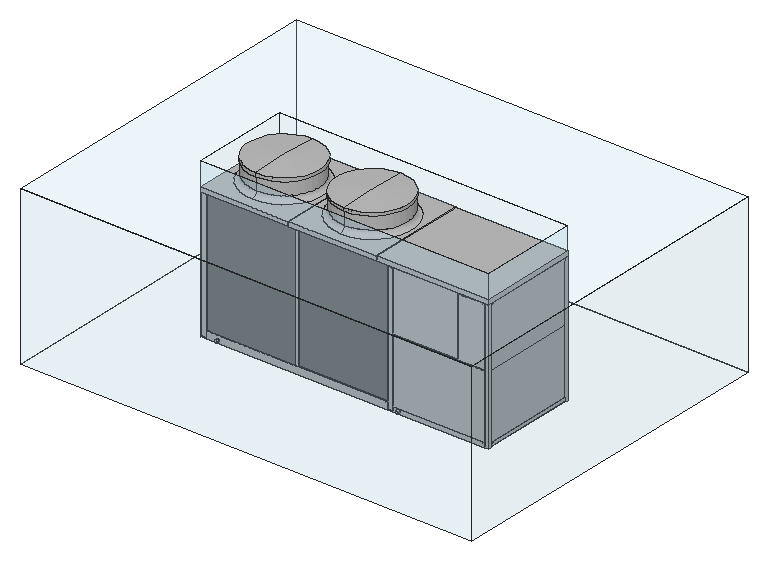
Revit family "VIESSMANN - Energycal AWH Pro AT 75-90", category Wyposażenie mechaniczne, Revit 2017
Family settings
  Wymiar okrągłego złącza = Użyj średnicy
  Typ części = Normalny
  Numer OmniClass = 23.75.10.21.11
  Tytuł OmniClass = Air-Source Heat Pumps
  Oparty na płaszczyźnie roboczej = Nie
  Zawsze pionowo = Tak
  Tnij formami wycięć po wczytaniu = Nie
  Współdzielony = Nie
  Punkt obliczania pomieszczeń = Nie
Parameters (values of type "Wielkość jednostki - 75")
  Zasilanie pomocnicze (V/ph/Hz) = "230/1~/50+5%"
  Zasilanie elektryczne (V/ph/Hz) = "400/3N~/50+5%"
  Wysokość = 1912 mm
  Współczynnik mocy = 1
  Współczynnik efektywności [COP] (A7W45) = 3.33
  Viessmann Kolor 2 = Viessmann Kolor 3
  Viessmann Kolor 1 = Viessmann Kolor 2
  URL = "https://www.viessmann-projektant.pl/baza-urzadzen/pompy-ciepla-powietrzewoda-agregaty-wl-50-kw/energycal"
  Typ wymiennika po stronie grzewczej = "Plate exchanger"
  Typ wentylatora = "Osiowy"  # constant formula
  Typ sprężarki = "Reciprocating"
  Szerokość = 3510 mm
  Strefa serwisowa_tył = 1000 mm
  Strefa serwisowa_przód = 1000 mm
  Strefa serwisowa [instance] = yes
  Stopień wydajności = "2"
  Spadek ciśnienia wody (A7W45) = 34.0 kPa
  SCOP = 2.84
  Prąd nominalny wentylatora = 3.9 A
  Prąd nominalny silnika pompy obiegowej = 2.45 A
  Przepływ powietrza = 38500.0 m³/h
  Producent = "Viessmann Sp. z o.o"  # constant formula
  Połączenia hydrauliczne = 2"
  Poziom mocy akustycznej dB(A) = 91 mm
  Poziom mocy akustycznej - wersja super cicha SLN dB(A) = 87 mm
  Poziom mocy akustycznej - wersja cicha LN dB(A) = 89 mm
  Poziom ciśnienia akustycznego dB(A) = 59 mm
  Poziom ciśnienia akustycznego - wersja super cicha SLN dB(A) = 55 mm
  Poziom ciśnienia akustycznego - wersja cicha LN dB(A) = 57 mm
  Pojemność zbiornika buforowego = 250.00 m³
  Pobór mocy elektrycznej (A7W45) = 23.5 kW
  Opis = "Energycal AWH Pro AT to typoszereg wysokotemperaturowych pomp ciepła z czynnikiem chłodniczym R134a lub R513A osiągających na zasilaniu temperatury wody do 80°C."
  Obciążenie pozorne = Maksymalna moc pobierania / Współczynnik mocy  # 42.9 kW
  Nominalna moc pompy = 1.4 kW
  Nominalna moc grzewcza (A7W45) = 78 kW
  Natężenie przepływu wody (A7W45) l/h = 13381
  Natężenie przepływu wody (A7W45) = [Natężenie przepływu wody (A7W45) l/h] / 3600 * 1.0 L/s  # 3.71694 L/s
  Napięcie zasilania = 400 V
  Naczynie wzbiorcze = 18.00 m³
  Model = "Powietrzna pompa ciepła Energycal AWH PRO AT / Air-water heat pump Energycal AWH PRO AT "  # constant formula
  Moc nominalna wentylatora = 1.6 kW
  Moc nominalna silnika pompy obiegowej = 1.35 kW
  Maksymalny prąd rozruchowy = 197.3 A
  Maksymalny pobór prądu = 83.8 A
  Maksymalna moc pobierania = 42.9 kW
  Liczba wentylatorów = 2
  Liczba biegunów = 3
  Klasa energetyczna = "A+"
  Ilość/Obiegi chłodnicze sprężarki (nr/nr) = "1/1"
  Głębokość = 1208 mm
  Efektywność sezonowa ηs = "110.7"
  Częstotliwość = 50 Hz  # constant formula
  Ciśnienie podnoszenia pompy (A7W45) = 134.0 kPa
  Całkowite napełnienie olejem = 4.80 kg
  Całkowite napełnienie czynnikiem chłodniczym = 39.00 kg
  Autor = "www.archispace.pl"
Types (3, lengths in mm): name | Szerokość | Strefa serwisowa_tył | Spadek ciśnienia wody (A7W45) | SCOP | Prąd nominalny silnika pompy obiegowej | Przepływ powietrza | Pobór mocy elektrycznej (A7W45) | Obciążenie pozorne | Nominalna moc pompy | Nominalna moc grzewcza (A7W45) | Natężenie przepływu wody (A7W45) l/h | Natężenie przepływu wody (A7W45) | Moc nominalna silnika pompy obiegowej | Maksymalny prąd rozruchowy | Maksymalny pobór prądu | Maksymalna moc pobierania | Efektywność sezonowa ηs | Ciśnienie podnoszenia pompy (A7W45) | Całkowite napełnienie olejem | Całkowite napełnienie czynnikiem chłodniczym
  (no name) | 3510 | 1000 | 34.0 kPa | 2.84 | 2.45 A | 38500.0 m³/h | 23.5 kW | 42.9 kW | 1.4 kW | 78 kW | 13381 | 3.71694 L/s | 1.35 kW | 197.3 A | 83.8 A | 42.9 kW | "110.7" | 134.0 kPa | 4.80 kg | 39.00 kg
  Wielkość jednostki - 75 | 3510 | 1000 | 34.0 kPa | 2.84 | 2.45 A | 38500.0 m³/h | 23.5 kW | 42.9 kW | 1.4 kW | 78 kW | 13381 | 3.71694 L/s | 1.35 kW | 197.3 A | 83.8 A | 42.9 kW | "110.7" | 134.0 kPa | 4.80 kg | 39.00 kg
  Wielkość jednostki - 90 | 3508 | 2000 | 20.0 kPa | 2.86 | 3.15 A | 40000.0 m³/h | 26.3 kW | 48.4 kW | 1.8 kW | 87.5 kW | 15030 | 4.175 L/s | 1.75 kW | 241.5 A | 101.8 A | 48.4 kW | "111.6" | 185.0 kPa | 4.00 kg | 40.00 kg
Reference planes
  plane 1 "Środek (Przód/Tył)": y = 0
  plane 2: z = 0
  plane 3 "Środek (Lewa/Prawa)": x = 0
  plane 4: z = 1912
  plane 5: y = 1500
  plane 6: y = -1208
  plane 7: y = -2708
  plane 8: x = -1755
  plane 9: x = 1755
  plane 10: x = -2755
  plane 11: x = 2755
Forms (mm)
  Extrusion 1, solid, material "Viessmann Strefy Serwisowe", visible <- "Strefa serwisowa"
    sketch origin (0, 0, 0) x (0, 1, 0) y (0, 0, 1)
      loop
        line (1500, 1912) -> (0, 1912) -> (0, 0) -> (1500, 0) -> (1500, 1912)
      loop
        line (-2708, 0) -> (-1208, 0) -> (-1208, 1912) -> (-2708, 1912) -> (-2708, 0)
    from -1755 to 1755
  Extrusion 2, solid, material "Viessmann Strefy Serwisowe", visible <- "Strefa serwisowa"
    sketch origin (0, 0, 0) x (1, 0, 0) y (0, 1, 0)
      loop
        line (-1755, 1500) -> (-2755, 1500) -> (-2755, -2708) -> (-1755, -2708) -> (-1755, 1500)
      loop
        line (1755, 1500) -> (1755, -2708) -> (2755, -2708) -> (2755, 1500) -> (1755, 1500)
    from 0 to 1912
  Extrusion 3, solid, not visible
    sketch origin (0, 0, 0) x (0, 1, 0) y (0, 0, 1)
      loop
        circle (-623.416, 1331.547) r 40
      loop
        circle (-623.416, 1163.167) r 40
    from 1385.48 to 1755
Cuts and joins
  joined: Extrusion 1, Extrusion 2
Dimensions and locks
  "Wysokość": plane 4 to level
  locked: plane 5 to plane 1 "Środek (Przód/Tył)" at 1500
  locked: plane 6 to plane 7 at 1500
  "Strefa serwisowa_tył": plane 9 to plane 11
  "Strefa serwisowa_przód": plane 10 to plane 8
  "Szerokość": plane 8 to plane 9
  "Głębokość": plane 1 "Środek (Przód/Tył)" to plane 6
  plane 4 to level = 1912 mm
  aligned and locked: level to plane 2
  aligned and locked: Extrusion 1 sketch curve to plane 4
  aligned and locked: Extrusion 1 sketch curve to plane 5
  aligned and locked: Extrusion 1 sketch curve to level
  aligned and locked: plane 7 to Extrusion 1 sketch curve
  aligned and locked: plane 8 to Extrusion 1
  aligned and locked: Extrusion 2 sketch curve to plane 10
  aligned and locked: plane 8 to Extrusion 2 sketch curve
  aligned and locked: plane 9 to Extrusion 2 sketch curve
  aligned and locked: Extrusion 2 sketch curve to plane 11
  aligned and locked: Extrusion 2 to Extrusion 1
  aligned and locked: plane 1 "Środek (Przód/Tył)" to nested 1
  aligned and locked: plane 8 to nested 1
  aligned and locked: plane 9 to cut or joined group of Extrusion 1, Extrusion 2
  aligned and locked: cut or joined group of Extrusion 1, Extrusion 2 to plane 4
  aligned and locked: plane 4 to nested 1
  aligned and locked: plane 4 to cut or joined group of Extrusion 1, Extrusion 2
  aligned and locked: Extrusion 3 to nested 1
  aligned and locked: nested 1 to Extrusion 3
Automatic sketch dimensions
  Extrusion 2 sketch curve to plane 5 = 0 mm
  Extrusion 2 sketch curve to plane 7 = 0 mm
  plane 5 to Extrusion 2 sketch curve = 0 mm
  plane 7 to Extrusion 2 sketch curve = 0 mm
  Extrusion 1 sketch curve to plane 6 = 0 mm
  Extrusion 1 sketch curve to plane 1 "Środek (Przód/Tył)" = 0 mm
  level to Extrusion 1 sketch curve = 0 mm
  plane 4 to Extrusion 1 sketch curve = 0 mm
  Extrusion 3 sketch curve to plane 6 = 584.584 mm
  Extrusion 3 sketch curve to Extrusion 3 sketch curve = 0 mm
  Extrusion 3 sketch curve to plane 4 = 748.833 mm
  Extrusion 3 sketch curve to Extrusion 3 sketch curve = 168.38 mm
  radius of Extrusion 3 sketch curve = 40 mm  (x2)
Nested families
  nested 1: "AWH PRO AT EVO 75-90" at (0, 30, 0), type "AWH PRO AT EVO 75-90"
Connectors
  piping at (-1764.355, -604, 187), diameter 50.8, driven by "Połączenia hydrauliczne", driven by "Natężenie przepływu wody (A7W45)"
    settings: on nested 1, index 1, connector inside diameter 24", connector length 0 mm, flow factor 0, pipe flow 3.71694 L/s, pressure drop 0.0 kPa, fitting loss kfactor 0, connector angle 0.00°, fixture units 0, engagement length 0 mm, angle of deflection 0.00°, flow configuration 1, flow direction 2, fitting loss method 0, system type 7, joint type 0, gender type 0, connector reference index -1, connector utility 0, adjustable connector no, is connector primary yes, connector description ""
  piping at (-1764.355, -604, 524), diameter 50.8, driven by "Natężenie przepływu wody (A7W45)", driven by "Połączenia hydrauliczne"
    settings: on nested 1, index 2, connector inside diameter 24", connector length 0 mm, flow factor 0, pipe flow 3.71694 L/s, pressure drop 0.0 kPa, fitting loss kfactor 0, connector angle 0.00°, fixture units 0, engagement length 0 mm, angle of deflection 0.00°, flow configuration 1, flow direction 1, fitting loss method 0, system type 8, joint type 0, gender type 0, connector reference index -1, connector utility 0, adjustable connector no, is connector primary no, connector description ""
  electrical at (1755, -623.416, 1331.547)
    settings: on Extrusion 3, index 3, voltage 0 V, apparent load 0 kW, apparent load phase1 0 kW, apparent load phase2 0 kW, apparent load phase3 0 kW, power factor 1, load classification "Inne", number of poles 1, system type 13, power factor state 1, is connector primary yes, connector utility no, sub classification motor no, connector description ""
  electrical at (1755, -623.416, 1163.167), driven by "Współczynnik mocy", driven by "Obciążenie pozorne", driven by "Napięcie zasilania", driven by "Liczba biegunów"
    settings: on Extrusion 3, index 4, voltage 400 V, apparent load 42.9 kW, apparent load phase1 0 kW, apparent load phase2 0 kW, apparent load phase3 0 kW, power factor 1, load classification "Moc", number of poles 3, system type 30, power factor state 1, is connector primary no, connector utility no, sub classification motor no, connector description ""
Definition of nested family "AWH PRO AT EVO 75-90"
  Parameters (values of type "AWH PRO AT EVO 75-90")
    Wysokość = 1912 mm
    URL = ""
    Szerokość = 1210 mm
    Manufacturer = ""
    Podłączenie Uout wysokość = 524 mm
    Podłączenie Uin wysokość = 187 mm
    Podłączenie Rin wysokość = 947 mm
    Podłączenie Rout wysokość = 1337 mm
    Description = ""
    Model = ""
    Materiał2 = none
    Materiał = none
    Długość = 3510 mm
  Reference planes
    plane 1 "Środek (Przód/Tył)": y = -30
    plane 2: z = 0
    plane 3 "Środek (Lewa/Prawa)": x = 0
    plane 4: y = -1240
    plane 5: z = 1630
    plane 6: x = 1755
    plane 7: x = -1755
    plane 8: x = -1715
    plane 9: x = 1715
    plane 10: z = 1912
    plane 11: y = -634
    plane 12: y = -634
  Forms (mm)
    Extrusion 1, solid, material <- "Materiał", detail levels fine
      sketch origin (0, -734, 0) x (1, 0, 0) y (0, 1, 0)
        loop
          line (-1755, 704) -> (-1755, -506) -> (1755, -506) -> (1755, 704) -> (-1755, 704)
      from 0 to 1630
    Extrusion 2, void
      sketch origin (0, -734, 0) x (1, 0, 0) y (0, 1, 0)
        loop
          line (1755, 664) -> (-1755, 664) -> (-1755, -466) -> (1755, -466) -> (1755, 664)
      from 0 to 20
    Extrusion 3, solid, material <- "Materiał", detail levels coarse
      sketch origin (0, 0, 0) x (1, 0, 0) y (0, 1, 0)
        loop
          line (-1755, -30) -> (-1755, -1240) -> (1755, -1240) -> (1755, -30) -> (-1755, -30)
      from 0 to 1630
    Extrusion 4, solid, material <- "Materiał", detail levels medium
      sketch origin (0, -30, 0) x (1, 0, 0) y (0, 0, 1)
        loop
          line (-1755, 1630) -> (-1755, 0) -> (1755, 0) -> (1755, 1630) -> (-1755, 1630)
      from 0 to 1210
    Extrusion 5, void
      sketch origin (1375.5, -1104, 0) x (0, 1, 0) y (0, 0, 1)
        loop
          line (-96, 0) -> (-89, 0) -> (-89, 50.017) -> (1027, 50.017) -> (1027, 0) -> (1034, 0) -> (1034, 1569.991) -> (1074, 1569.991) -> (1074, 1576.991) -> (-136, 1576.991) -> (-136, 1569.991) -> (-96, 1569.991) -> (-96, 0)
        loop
          line (1027, 1569.991) -> (-89, 1569.991) -> (-89, 850) -> (1027, 850) -> (1027, 1569.991)
        loop
          line (1027, 843) -> (-89, 843) -> (-89, 57.017) -> (1027, 57.017) -> (1027, 843)
      from 377.5 to 379.5
    Revolve 6, solid, material <- "Materiał", detail levels medium
      sketch origin (-1220, 0, 0) x (0, 1, 0) y (0, 0, 1)
        loop
          line (-634, 1630) -> (-634, 1912) -> (-1067, 1912) -> (-1067, 1855) -> (-1057, 1855) -> (-1057, 1695) -> (-1115.526, 1630) -> (-634, 1630)
        axis (-634, 1912) -> (-634, 1630)
      angle from 0 to 360
    Revolve 7, solid, material <- "Materiał", detail levels fine
      sketch origin (-1220, 0, 0) x (0, 1, 0) y (0, 0, 1)
        loop
          line (-634, 1630) -> (-154.474, 1630)
          arc (-154.474, 1630) -> (-196.212, 1651.267) -> (-213, 1695) r 65.358
          line (-213, 1695) -> (-213, 1855) -> (-203, 1855) -> (-203, 1891.456)
          arc (-203, 1891.456) -> (-418.181, 1908.421) -> (-634, 1912) r 3476.293
          line (-634, 1912) -> (-634, 1630)
        axis (-634, 1912) -> (-634, 1630)
      angle from 0 to 360
    Extrusion 8, solid, material <- "Materiał", detail levels coarse
      sketch origin (-145.176, 0, 0) x (-1, 0, 0) y (0, -1, 0)
        loop
          circle (0, 634) r 482
      from 1630 to 1912
    Revolve 9, solid, material <- "Materiał", detail levels medium
      sketch origin (-145.176, 0, 0) x (0, 1, 0) y (0, 0, 1)
        loop
          line (-634, 1630) -> (-634, 1912) -> (-1067, 1912) -> (-1067, 1855) -> (-1057, 1855) -> (-1057, 1695) -> (-1115.526, 1630) -> (-634, 1630)
        axis (-634, 1912) -> (-634, 1630)
      angle from 0 to 360
    Revolve 10, solid, material <- "Materiał", detail levels fine
      sketch origin (-145.176, 0, 0) x (0, 1, 0) y (0, 0, 1)
        loop
          line (-634, 1630) -> (-154.474, 1630)
          arc (-154.474, 1630) -> (-196.212, 1651.267) -> (-213, 1695) r 65.358
          line (-213, 1695) -> (-213, 1855) -> (-203, 1855) -> (-203, 1891.456)
          arc (-203, 1891.456) -> (-418.181, 1908.421) -> (-634, 1912) r 3476.293
          line (-634, 1912) -> (-634, 1630)
        axis (-634, 1912) -> (-634, 1630)
      angle from 0 to 360
    Extrusion 11, solid, material <- "Materiał", detail levels coarse
      sketch origin (-1220, 0, 0) x (-1, 0, 0) y (0, -1, 0)
        loop
          circle (1, 634) r 482
      from 1630 to 1912
    Extrusion 12, void
      sketch origin (0, -30, 0) x (1, 0, 0) y (0, 0, 1)
        loop
          line (-677.588, 1630) -> (-687.588, 1630) -> (-687.588, 1627.5) -> (-677.588, 1627.5) -> (-677.588, 1630)
        loop
          line (387.236, 1630) -> (387.236, 1627.5) -> (397.236, 1627.5) -> (397.236, 1630) -> (387.236, 1630)
      from 0 to 1210
    Extrusion 13, void
      sketch origin (677.48, -1615.98, 0) x (1, 0, 0) y (0, 0, -1)
        loop
          line (-94, -7) -> (-147, -7) -> (-147, -850) -> (-147, -1569.991) -> (-94, -1569.991) -> (-94, -7)
        loop
          line (1035, 0) -> (1028, 0) -> (1028, -50.017) -> (-87, -50.017) -> (-87, 0) -> (-117, 0) -> (-154, 0) -> (-154, -83.017) -> (-2355, -83.017) -> (-2355, 0) -> (-2429.98, 0) -> (-2429.98, -1569.991) -> (-2432.48, -1569.991) -> (-2432.48, -1576.991) -> (-2355, -1576.991) -> (-2355, -90.017) -> (-154, -90.017) -> (-154, -1576.991) -> (1077.448, -1576.991) -> (1077.448, -1569.991) -> (1035, -1569.991) -> (1035, 0)
        loop
          line (1028, -1569.991) -> (1028, -850) -> (708, -850) -> (708, -1569.991) -> (1028, -1569.991)
        loop
          line (1028, -843) -> (1028, -57.017) -> (-87, -57.017) -> (-87, -843) -> (1028, -843)
        loop
          line (-87, -850) -> (-87, -1569.991) -> (701, -1569.991) -> (701, -850) -> (-87, -850)
      from 375.98 to 378.5
    Extrusion 14, void
      sketch origin (0, -30, 0) x (1, 0, 0) y (0, 0, 1)
        loop
          line (523.48, 1576.991) -> (-1677.52, 1576.991) -> (-1677.52, 90.017) -> (523.48, 90.017) -> (523.48, 1576.991)
      from 1190 to 1210
    Extrusion 15, solid, material <- "Materiał2", detail levels fine
      sketch origin (0, -30, 0) x (1, 0, 0) y (0, 0, 1)
        loop
          line (-1677.52, 1576.991) -> (-1677.52, 90.017) -> (523.48, 90.017) -> (523.48, 1576.991) -> (-1677.52, 1576.991)
      from 1190 to 1206
    Extrusion 16, solid, material <- "Materiał2", detail levels fine
      sketch origin (0, -1238, 0) x (1, 0, 0) y (0, 0, -1)
        loop
          line (-1677.52, -1576.991) -> (523.48, -1576.991) -> (523.48, -90.017) -> (-1677.52, -90.017) -> (-1677.52, -1576.991)
      from 1188 to 1204
    Extrusion 17, void
      sketch origin (677.48, 345.98, 0) x (1, 0, 0) y (0, 0, 1)
        loop
          line (-94, 7) -> (-94, 1569.991) -> (-147, 1569.991) -> (-147, 850) -> (-147, 7) -> (-94, 7)
        loop
          line (1035, 0) -> (1035, 1569.991) -> (1077.448, 1569.991) -> (1077.448, 1576.991) -> (-154, 1576.991) -> (-154, 90.017) -> (-2355, 90.017) -> (-2355, 1576.991) -> (-2432.48, 1576.991) -> (-2432.48, 1569.991) -> (-2362, 1569.991) -> (-2362, 0) -> (-2355, 0) -> (-2355, 83.017) -> (-154, 83.017) -> (-154, 0) -> (-117, 0) -> (-87, 0) -> (-87, 50.017) -> (1028, 50.017) -> (1028, 0) -> (1035, 0)
        loop
          line (1028, 1569.991) -> (-87, 1569.991) -> (-87, 850) -> (1028, 850) -> (1028, 1569.991)
        loop
          line (1028, 843) -> (-87, 843) -> (-87, 57.017) -> (1028, 57.017) -> (1028, 843)
      from 375.98 to 378.5
    Extrusion 18, solid, material <- "Materiał", detail levels fine
      sketch origin (0, 0, 0) x (0, 1, 0) y (0, 0, 1)
        loop
          circle (-634, 524) r 45
        loop
          circle (-634, 187) r 45
      from -1764.355 to -1752.5
    Extrusion 19, void
      sketch origin (0, 0, 0) x (1, 0, 0) y (0, 1, 0)
        loop
          line (-687.588, -1240) -> (-677.588, -1240) -> (-677.588, -1235) -> (-687.588, -1235) -> (-687.588, -1240)
        loop
          line (387.412, -1240) -> (397.412, -1240) -> (397.412, -1235) -> (387.412, -1235) -> (387.412, -1240)
      from 1576.991 to 1630
    Extrusion 20, void
      sketch origin (0, -1268, 0) x (1, 0, 0) y (0, 1, 0)
        loop
          line (-687.588, 1238) -> (-687.588, 1233) -> (-677.588, 1233) -> (-677.588, 1238) -> (-687.588, 1238)
        loop
          line (387.412, 1238) -> (387.412, 1233) -> (397.412, 1233) -> (397.412, 1238) -> (387.412, 1238)
      from 1569.991 to 1630
    Extrusion 21, solid, material <- "Materiał", detail levels fine
      sketch origin (0, -1236.264, 0) x (1, 0, 0) y (0, 0, -1)
        loop
          circle (657.54, -29.398) r 15
        loop
          circle (-1543.46, -29.398) r 15
      from -29.736 to -3.736
    Extrusion 22, void
      sketch origin (0, -1230.786, 0) x (1, 0, 0) y (0, 0, -1)
        loop
          line (523.48, -1576.991) -> (523.48, -90.017) -> (-1677.52, -90.017) -> (-1677.52, -1576.991) -> (523.48, -1576.991)
      from 1180.923 to 1200.923
    Extrusion 23, solid, material <- "Materiał", detail levels fine
      sketch origin (0, 0, 0) x (1, 0, 0) y (0, 1, 0)
        loop
          line (-561.52, -1220) -> (-591.52, -1220) -> (-591.52, -1237.48) -> (-561.52, -1237.48) -> (-561.52, -1220)
        loop
          line (-561.52, -49.862) -> (-561.52, -32.52) -> (-591.52, -32.52) -> (-591.52, -49.862) -> (-561.52, -49.862)
      from 90.017 to 1576.991
    Extrusion 24, void
      sketch origin (-275.5, -1104, 0) x (0, 1, 0) y (0, 0, -1)
        loop
          line (-96, 0) -> (-96, -1569.991) -> (-136, -1569.991) -> (-136, -1576.991) -> (1074, -1576.991) -> (1074, -1569.991) -> (1034, -1569.991) -> (1034, 0) -> (1027, 0) -> (1027, -50.017) -> (518, -50.017) -> (518, -20) -> (418, -20) -> (418, -50.017) -> (-89, -50.017) -> (-89, 0) -> (-96, 0)
        loop
          line (1027, -1569.991) -> (1027, -57.017) -> (518, -57.017) -> (518, -1569.991) -> (1027, -1569.991)
        loop
          line (-89, -57.017) -> (-89, -1569.991) -> (418, -1569.991) -> (418, -57.017) -> (-89, -57.017)
      from 1477 to 1479.5
    Extrusion 25, solid, material <- "Materiał"
      sketch origin (0, -33.736, 0) x (1, 0, 0) y (0, 0, 1)
        loop
          circle (657.54, 29.398) r 15
        loop
          circle (-1543.46, 29.398) r 15
      from -29.736 to -3.736
  Cuts and joins
    Extrusion 2, Extrusion 5, Extrusion 12, Extrusion 13, Extrusion 14, Extrusion 17, Extrusion 19, Extrusion 20, Extrusion 22, Extrusion 24 cuts Extrusion 1
    Extrusion 20, Extrusion 22 cuts Revolve 7
    Extrusion 20, Extrusion 22 cuts Revolve 10
    joined: Extrusion 1, Revolve 7, Revolve 10, Extrusion 23
    Extrusion 17, Extrusion 20, Extrusion 22 cuts Extrusion 15
    Extrusion 20, Extrusion 22 cuts Revolve 6
    Extrusion 20, Extrusion 22 cuts Revolve 9
    joined: Extrusion 4, Revolve 6, Revolve 9
    Extrusion 20, Extrusion 22 cuts Extrusion 8
    Extrusion 20, Extrusion 22 cuts Extrusion 11
    joined: Extrusion 3, Extrusion 8, Extrusion 11
    Extrusion 20, Extrusion 22 cuts Extrusion 18
  Dimensions and locks
    equal spacing: plane 7, plane 3 "Środek (Lewa/Prawa)", plane 6
    "Długość": plane 7 to plane 6
    locked: plane 7 to plane 8 at 40
    locked: plane 9 to plane 6 at 40
    "Wysokość": plane 10 to level
    "Szerokość": plane 1 "Środek (Przód/Tył)" to plane 4
    plane 5 to level = 1630 mm
    locked: plane 10 to plane 5 at 282
    "Podłączenie Uin wysokość": Extrusion 18 sketch curve to level
    "Podłączenie Uout wysokość": Extrusion 18 sketch curve to level
    aligned and locked: level to plane 2
    aligned and locked: cut or joined group 1 (Extrusion 1, Extrusion 2, Extrusion 5, Revolve 7, Revolve 10, Extrusion 12, Extrusion 13, Extrusion 14, Extrusion 17, Extrusion 19, Extrusion 20, Extrusion 22, Extrusion 23, Extrusion 24) to plane 1 "Środek (Przód/Tył)"
    aligned and locked: plane 4 to cut or joined group 1
    aligned and locked: cut or joined group 1 to plane 5
    aligned and locked: cut or joined group 1 to plane 7
    aligned and locked: plane 6 to cut or joined group 1
    aligned and locked: Extrusion 3 sketch curve to cut or joined group 1  (x4)
    aligned and locked: plane 5 to Extrusion 3
    aligned and locked: Extrusion 3 to level
    aligned and locked: Extrusion 4 to plane 1 "Środek (Przód/Tył)"
    aligned and locked: Extrusion 18 to cut or joined group 1
    aligned and locked: cut or joined group 1 to Extrusion 23
    aligned and locked: Extrusion 23 to cut or joined group 1  (x2)
    aligned and locked: Extrusion 14 to plane 4
    aligned and locked: Extrusion 14 to Extrusion 23
    aligned and locked: plane 4 to Extrusion 21
    aligned and locked: Extrusion 1 to Extrusion 12  (x2)
    aligned and locked: cut or joined group of Extrusion 3, Extrusion 8, Extrusion 11, Extrusion 20, Extrusion 22 to plane 1 "Środek (Przód/Tył)"
    aligned and locked: cut or joined group of Extrusion 4, Revolve 6, Revolve 9, Extrusion 20, Extrusion 22 to plane 1 "Środek (Przód/Tył)"
    aligned and locked: plane 1 "Środek (Przód/Tył)" to cut or joined group of Extrusion 3, Extrusion 8, Extrusion 11, Extrusion 20, Extrusion 22  (x4)
  Automatic sketch dimensions
    Extrusion 1 sketch curve to plane 4 = 0 mm
    Extrusion 1 sketch curve to plane 7 = 0 mm
    plane 1 "Środek (Przód/Tył)" to Extrusion 1 sketch curve = 0 mm
    Extrusion 1 sketch curve to plane 6 = 0 mm
    Extrusion 2 sketch curve to plane 7 = 0 mm
    Extrusion 2 sketch curve to plane 6 = 0 mm
    plane 4 to Extrusion 2 sketch curve = 40 mm
    plane 1 "Środek (Przód/Tył)" to Extrusion 2 sketch curve = 40 mm
    Extrusion 4 sketch curve to level = 0 mm
    plane 7 to Extrusion 4 sketch curve = 0 mm
    Extrusion 4 sketch curve to plane 5 = 0 mm
    Extrusion 4 sketch curve to plane 6 = 0 mm
    Extrusion 5 sketch curve to plane 4 = 0 mm
    Extrusion 5 sketch curve to level = 0 mm  (x2)
    Extrusion 5 sketch curve to plane 1 "Środek (Przód/Tył)" = 0 mm
    plane 4 to Extrusion 5 sketch curve = 40 mm
    Extrusion 5 sketch curve to Extrusion 5 sketch curve = 7 mm  (x6)
    plane 4 to Extrusion 5 sketch curve = 47 mm
    plane 1 "Środek (Przód/Tył)" to Extrusion 5 sketch curve = 47 mm
    Extrusion 5 sketch curve to Extrusion 5 sketch curve = 0 mm  (x3)
    level to Extrusion 5 sketch curve = 50.017 mm
    Extrusion 5 sketch curve to Extrusion 5 sketch curve = 785.983 mm
    Extrusion 5 sketch curve to plane 5 = 60.009 mm  (x2)
    Revolve 6 sketch curve to plane 5 = 0 mm  (x2)
    Revolve 6 sketch curve to plane 10 = 0 mm  (x2)
    Revolve 6 sketch curve to plane 11 = 0 mm  (x2)
    plane 5 to Revolve 6 sketch curve = 65 mm
    plane 4 to Revolve 6 sketch curve = 183 mm
    Revolve 6 sketch curve to Revolve 6 sketch curve = 10 mm
    Revolve 6 sketch curve to Revolve 6 sketch curve = 58.526 mm
    Revolve 6 sketch curve to plane 10 = 57 mm
    Revolve 7 sketch curve to plane 5 = 0 mm  (x2)
    Revolve 7 sketch curve to plane 10 = 0 mm  (x2)
    plane 1 "Środek (Przód/Tył)" to Revolve 7 sketch curve = 604 mm
    plane 1 "Środek (Przód/Tył)" to Revolve 7 sketch curve = 553.696 mm
    Revolve 7 sketch curve to plane 10 = 57 mm
    plane 1 "Środek (Przód/Tył)" to Revolve 7 sketch curve = 183 mm
    Revolve 7 sketch curve to Revolve 7 sketch curve = 10 mm
    Revolve 7 sketch curve to Revolve 7 sketch curve = 58.526 mm
    plane 5 to Revolve 7 sketch curve = 65 mm
    Revolve 7 sketch curve to level = 1563.929 mm
    Revolve 7 sketch curve to Revolve 7 sketch curve = 0 mm
    Extrusion 8 sketch curve to Extrusion 8 sketch curve = 0 mm  (x2)
    plane 3 "Środek (Lewa/Prawa)" to Extrusion 8 sketch curve = 145.176 mm
    Extrusion 8 sketch curve to plane 1 "Środek (Przód/Tył)" = 604 mm
    Extrusion 8 sketch curve to plane 4 = 124 mm
    Revolve 9 sketch curve to plane 5 = 0 mm  (x2)
    Revolve 9 sketch curve to plane 10 = 0 mm  (x2)
    Revolve 9 sketch curve to plane 12 = 0 mm  (x2)
    plane 5 to Revolve 9 sketch curve = 65 mm
    plane 4 to Revolve 9 sketch curve = 183 mm
    Revolve 9 sketch curve to Revolve 9 sketch curve = 10 mm
    Revolve 9 sketch curve to Revolve 9 sketch curve = 58.526 mm
    Revolve 9 sketch curve to plane 10 = 57 mm
    Revolve 10 sketch curve to plane 5 = 0 mm  (x2)
    Revolve 10 sketch curve to plane 10 = 0 mm  (x2)
    plane 1 "Środek (Przód/Tył)" to Revolve 10 sketch curve = 604 mm
    plane 1 "Środek (Przód/Tył)" to Revolve 10 sketch curve = 553.696 mm
    Revolve 10 sketch curve to plane 10 = 57 mm
    plane 1 "Środek (Przód/Tył)" to Revolve 10 sketch curve = 183 mm
    Revolve 10 sketch curve to Revolve 10 sketch curve = 10 mm
    Revolve 10 sketch curve to Revolve 10 sketch curve = 58.526 mm
    plane 5 to Revolve 10 sketch curve = 65 mm
    Revolve 10 sketch curve to level = 1563.929 mm
    Revolve 10 sketch curve to Revolve 10 sketch curve = 0 mm
    Extrusion 11 sketch curve to Extrusion 11 sketch curve = 0 mm  (x2)
    Extrusion 11 sketch curve to plane 8 = 494 mm
    Extrusion 11 sketch curve to plane 1 "Środek (Przód/Tył)" = 604 mm
    Extrusion 11 sketch curve to plane 4 = 124 mm
    Extrusion 12 sketch curve to plane 5 = 0 mm  (x2)
    Extrusion 12 sketch curve to plane 3 "Środek (Lewa/Prawa)" = 687.588 mm
    Extrusion 12 sketch curve to plane 5 = 2.5 mm  (x2)
    Extrusion 12 sketch curve to Extrusion 12 sketch curve = 10 mm  (x2)
    plane 3 "Środek (Lewa/Prawa)" to Extrusion 12 sketch curve = 387.236 mm
    plane 7 to Extrusion 13 sketch curve = 0 mm
    Extrusion 13 sketch curve to level = 0 mm  (x3)
    Extrusion 13 sketch curve to plane 7 = 2.5 mm
    plane 8 to Extrusion 13 sketch curve = 37.48 mm  (x2)
    Extrusion 13 sketch curve to plane 5 = 53.009 mm  (x2)
    plane 3 "Środek (Lewa/Prawa)" to Extrusion 13 sketch curve = 523.48 mm
    Extrusion 13 sketch curve to Extrusion 13 sketch curve = 0 mm  (x5)
    plane 3 "Środek (Lewa/Prawa)" to Extrusion 13 sketch curve = 530.48 mm
    Extrusion 13 sketch curve to Extrusion 13 sketch curve = 30 mm
    level to Extrusion 13 sketch curve = 7 mm
    Extrusion 13 sketch curve to Extrusion 13 sketch curve = 23 mm
    Extrusion 13 sketch curve to Extrusion 13 sketch curve = 60 mm
    Extrusion 13 sketch curve to Extrusion 13 sketch curve = 7 mm  (x9)
    Extrusion 13 sketch curve to plane 5 = 60.009 mm
    Extrusion 13 sketch curve to plane 9 = 336.52 mm
    Extrusion 13 sketch curve to plane 9 = 9.52 mm  (x2)
    Extrusion 13 sketch curve to plane 9 = 2.52 mm
    plane 6 to Extrusion 13 sketch curve = 0.072 mm
    Extrusion 13 sketch curve to Extrusion 13 sketch curve = 719.991 mm
    Extrusion 13 sketch curve to Extrusion 13 sketch curve = 83.017 mm
    Extrusion 13 sketch curve to Extrusion 13 sketch curve = 50.017 mm
    plane 8 to Extrusion 14 sketch curve = 37.48 mm
    level to Extrusion 14 sketch curve = 90.017 mm
    plane 3 "Środek (Lewa/Prawa)" to Extrusion 14 sketch curve = 523.48 mm
    Extrusion 14 sketch curve to plane 5 = 53.009 mm
    plane 8 to Extrusion 15 sketch curve = 37.48 mm
    level to Extrusion 15 sketch curve = 90.017 mm
    plane 3 "Środek (Lewa/Prawa)" to Extrusion 15 sketch curve = 523.48 mm
    Extrusion 15 sketch curve to plane 5 = 53.009 mm
    plane 8 to Extrusion 16 sketch curve = 37.48 mm
    level to Extrusion 16 sketch curve = 90.017 mm
    plane 3 "Środek (Lewa/Prawa)" to Extrusion 16 sketch curve = 523.48 mm
    Extrusion 16 sketch curve to plane 5 = 53.009 mm
    Extrusion 17 sketch curve to plane 7 = 0 mm
    Extrusion 17 sketch curve to level = 0 mm  (x3)
    plane 8 to Extrusion 17 sketch curve = 30.48 mm
    plane 8 to Extrusion 17 sketch curve = 37.48 mm
    Extrusion 17 sketch curve to Extrusion 17 sketch curve = 0 mm  (x5)
    plane 3 "Środek (Lewa/Prawa)" to Extrusion 17 sketch curve = 523.48 mm  (x2)
    Extrusion 17 sketch curve to plane 5 = 53.009 mm
    Extrusion 17 sketch curve to Extrusion 17 sketch curve = 7 mm  (x7)
    Extrusion 17 sketch curve to Extrusion 17 sketch curve = 30 mm
    Extrusion 17 sketch curve to Extrusion 17 sketch curve = 53 mm
    Extrusion 17 sketch curve to Extrusion 17 sketch curve = 60 mm
    Extrusion 17 sketch curve to plane 9 = 9.52 mm  (x2)
    Extrusion 17 sketch curve to plane 9 = 2.52 mm
    plane 6 to Extrusion 17 sketch curve = 0.072 mm
    level to Extrusion 17 sketch curve = 7 mm
    Extrusion 17 sketch curve to Extrusion 17 sketch curve = 43.017 mm
    Extrusion 17 sketch curve to Extrusion 17 sketch curve = 83.017 mm
    Extrusion 17 sketch curve to Extrusion 17 sketch curve = 733.991 mm
    Extrusion 17 sketch curve to plane 5 = 60.009 mm  (x2)
    Extrusion 19 sketch curve to plane 4 = 0 mm  (x2)
    plane 4 to Extrusion 19 sketch curve = 5 mm
    Extrusion 19 sketch curve to plane 3 "Środek (Lewa/Prawa)" = 687.588 mm
    Extrusion 19 sketch curve to Extrusion 19 sketch curve = 10 mm  (x2)
    plane 3 "Środek (Lewa/Prawa)" to Extrusion 19 sketch curve = 387.412 mm
    Extrusion 19 sketch curve to Extrusion 19 sketch curve = 5 mm
    plane 1 "Środek (Przód/Tył)" to Extrusion 20 sketch curve = 0 mm  (x2)
    Extrusion 20 sketch curve to plane 1 "Środek (Przód/Tył)" = 5 mm
    plane 3 "Środek (Lewa/Prawa)" to Extrusion 20 sketch curve = 687.588 mm
    Extrusion 20 sketch curve to Extrusion 20 sketch curve = 10 mm  (x2)
    Extrusion 20 sketch curve to plane 3 "Środek (Lewa/Prawa)" = 387.412 mm
    Extrusion 20 sketch curve to Extrusion 20 sketch curve = 5 mm
    level to Extrusion 21 sketch curve = 29.398 mm  (x2)
    plane 8 to Extrusion 21 sketch curve = 171.54 mm
    plane 3 "Środek (Lewa/Prawa)" to Extrusion 21 sketch curve = 657.54 mm
    plane 8 to Extrusion 22 sketch curve = 37.48 mm
    level to Extrusion 22 sketch curve = 90.017 mm
    plane 3 "Środek (Lewa/Prawa)" to Extrusion 22 sketch curve = 523.48 mm
    Extrusion 22 sketch curve to plane 5 = 53.009 mm
    plane 1 "Środek (Przód/Tył)" to Extrusion 23 sketch curve = 2.52 mm
    Extrusion 23 sketch curve to plane 3 "Środek (Lewa/Prawa)" = 591.52 mm  (x2)
    plane 4 to Extrusion 23 sketch curve = 20 mm
    Extrusion 23 sketch curve to Extrusion 23 sketch curve = 30 mm  (x2)
    plane 4 to Extrusion 23 sketch curve = 2.52 mm
    Extrusion 23 sketch curve to Extrusion 23 sketch curve = 17.342 mm
    Extrusion 24 sketch curve to plane 4 = 0 mm
    Extrusion 24 sketch curve to level = 0 mm  (x2)
    Extrusion 24 sketch curve to plane 1 "Środek (Przód/Tył)" = 0 mm
    plane 4 to Extrusion 24 sketch curve = 40 mm
    Extrusion 24 sketch curve to Extrusion 24 sketch curve = 7 mm  (x6)
    level to Extrusion 24 sketch curve = 57.017 mm  (x2)
    Extrusion 24 sketch curve to Extrusion 24 sketch curve = 507 mm
    Extrusion 24 sketch curve to Extrusion 24 sketch curve = 0 mm  (x5)
    Extrusion 24 sketch curve to Extrusion 24 sketch curve = 100 mm
    plane 1 "Środek (Przód/Tył)" to Extrusion 24 sketch curve = 47 mm
    Extrusion 24 sketch curve to plane 5 = 60.009 mm  (x2)
    level to Extrusion 24 sketch curve = 20 mm
    level to Extrusion 25 sketch curve = 29.398 mm  (x2)
    plane 8 to Extrusion 25 sketch curve = 171.54 mm
    plane 3 "Środek (Lewa/Prawa)" to Extrusion 25 sketch curve = 657.54 mm
    plane 1 "Środek (Przód/Tył)" to Extrusion 18 sketch curve = 604 mm
    Extrusion 18 sketch curve to Extrusion 18 sketch curve = 0 mm
    radius of Extrusion 21 sketch curve = 15 mm  (x2)
    radius of Extrusion 25 sketch curve = 15 mm  (x2)
    radius of Extrusion 18 sketch curve = 45 mm  (x2)
